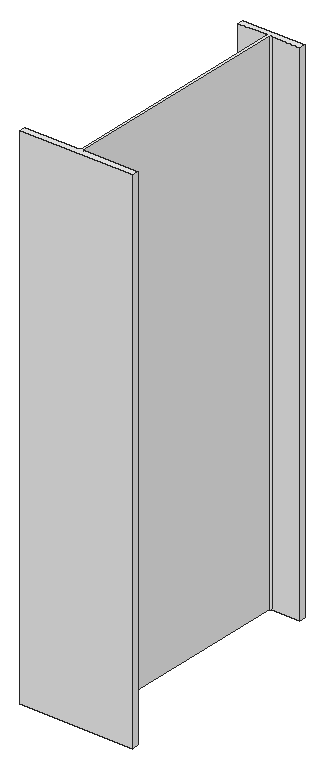
Revit family
Parameters (values of type "WRF1200x309")
  kr = k - (tw / 2)  # 8 mm
  bf_t = 300 mm
  Column Material [instance] = Metal - Steel - 345 MPa
  Assembly Code = ""
  A = 0.0393 m²
  W = 3.03
  bf_b = 550 mm
  d = 1200 mm
  k = 14 mm
  tf = 30 mm
  tw = 12 mm
Reference planes
  plane 1: y = 0
  plane 2: z = 0
  plane 3: x = 0
  plane 4: x = -275
  plane 5: x = 275
  plane 6: y = 600
  plane 7: y = -600
  plane 8: x = -3.969
  plane 9: x = 3.969
  plane 10: x = -150
  plane 11: x = 150
Forms (mm)
  Extrusion 1, solid, material "Metal - Steel - 345 MPa" <- "Column Material", detail levels medium
    sketch origin (0, 0, 0) x (1, 0, 0) y (0, 1, 0)
      loop
        line (-150, 600) -> (-150, 570) -> (-6, 570) -> (-6, -570) -> (-275, -570) -> (-275, -600) -> (275, -600) -> (275, -570) -> (6, -570) -> (6, 570) -> (150, 570) -> (150, 600) -> (-150, 600)
    from 0 to 2500
  Extrusion 2, solid, material "Metal - Steel - 345 MPa" <- "Column Material", detail levels fine
    sketch origin (0, 0, 0) x (1, 0, 0) y (0, 1, 0)
      loop
        line (-150, 600) -> (-150, 570) -> (-14, 570)
        arc (-14, 570) -> (-8.343, 567.657) -> (-6, 562) r 8
        line (-6, 562) -> (-6, -562)
        arc (-6, -562) -> (-8.343, -567.657) -> (-14, -570) r 8
        line (-14, -570) -> (-275, -570) -> (-275, -600) -> (275, -600) -> (275, -570) -> (14, -570)
        arc (14, -570) -> (8.343, -567.657) -> (6, -562) r 8
        line (6, -562) -> (6, 562)
        arc (6, 562) -> (8.343, 567.657) -> (14, 570) r 8
        line (14, 570) -> (150, 570) -> (150, 600) -> (-150, 600)
    from 0 to 2500
Lines and regions (mm)
  symbolic lines, style "StructuralColumnStickSymbols", detail levels coarse
    curve 1: line (-150, 600, 0) -> (150, 600, 0)
    curve 2: line (-275, -600, 0) -> (275, -600, 0)
    curve 3: line (0, 600, 0) -> (0, -600, 0)
  symbolic lines, style "Hidden Faces", detail levels medium+fine
    curve 4: line (-3.969, 0, 0) -> (-3.969, 0, 2500)
    curve 5: line (3.969, 0, 2500) -> (3.969, 0, 0)
Dimensions and locks
  equal spacing: plane 4, plane 3, plane 5
  equal spacing: plane 7, plane 1, plane 6
  "d": plane 7 to plane 6
  "bf_b": plane 4 to plane 5
  "tf": plane 7 to Extrusion 1 sketch curve
  "tf": Extrusion 1 sketch curve to plane 6
  equal spacing: Extrusion 1 sketch curve, plane 3, Extrusion 1 sketch curve
  "tw": Extrusion 1 sketch curve to Extrusion 1 sketch curve
  "bf_t": plane 10 to plane 11
  equal spacing: plane 10, plane 3, plane 11
  "kr": radius of Extrusion 2 sketch curve  (x4)
  aligned and locked: plane 6 to Extrusion 1 sketch curve
  aligned and locked: Extrusion 1 sketch curve to plane 7
  aligned and locked: Extrusion 1 sketch curve to plane 4
  aligned and locked: plane 5 to Extrusion 1 sketch curve
  aligned and locked: Extrusion 1 sketch curve to Extrusion 1 sketch curve  (x2)
  aligned and locked: level to Extrusion 1
  aligned and locked: level to plane 2
  aligned and locked: Extrusion 1 to plane 2
  aligned and locked: plane 6 to Extrusion 2 sketch curve
  aligned and locked: Extrusion 2 sketch curve to Extrusion 1  (x6)
  aligned and locked: Extrusion 2 sketch curve to plane 7
  aligned and locked: plane 5 to Extrusion 2 sketch curve
  aligned and locked: Extrusion 2 sketch curve to plane 4
  aligned and locked: level to Extrusion 2
  aligned and locked: Extrusion 2 to level
  aligned and locked: Extrusion 2 sketch curve to plane 10
  aligned and locked: plane 11 to Extrusion 2 sketch curve
  aligned and locked: Extrusion 1 sketch curve to plane 10
  aligned and locked: plane 11 to Extrusion 1 sketch curve
  aligned and locked: plane 10 to curve 1
  aligned and locked: plane 11 to curve 1
Automatic sketch dimensions
  curve 4 to level = 0 mm  (x2)
  curve 4 to plane 8 = 0 mm
  curve 5 to level = 0 mm  (x2)
  curve 5 to plane 9 = 0 mm
  curve 2 to plane 4 = 0 mm
  curve 1 to plane 6 = 0 mm
  curve 3 to plane 3 = 0 mm
  curve 2 to plane 5 = 0 mm
  curve 2 to plane 7 = 0 mm
